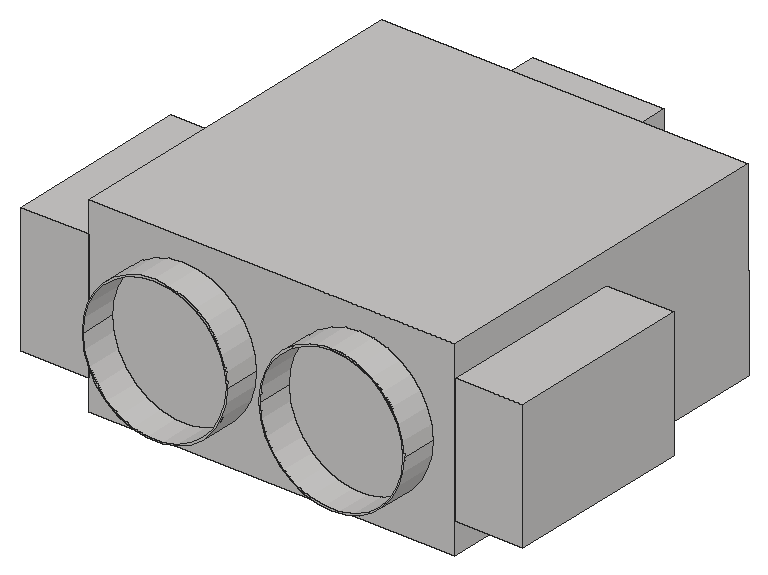
Revit family
Parameters
  Width = 2' - 11"
  Unit Weight = "148.0 lbs"
  URL = "http://www.titus-hvac.com/"
  UL = "181"
  SteriLoc Liner = Liner Option = 3  # no
  Outlet Width = 1' - 0 1/2"
  Outlet Height = 1' - 4 1/8"
  Nominal Width = Width + 1' 1"  # 4' - 0"
  Nominal Length = Length + Inlet Length + 0' 4"  # 3' - 6 3/8"
  Nominal Inlet Size = 1' - 2"
  Nominal Height = if(Height > 1' 0 1/4", Height, 1' 0 1/4")  # 1' - 6 1/8"
  NFPA = "90A"
  Model = "DEDV"
  Min. Air Flow = 0 CFM
  Max. Air Flow = 3000 CFM
  Material = Steel
  Manufacturer = "Titus"
  Liner Option = 0
  Length = 2' - 11"
  Inlet Void Radius = Inlet Radius - 0' 0 1/8"  # 0' - 6 13/16"
  Inlet Radius = Inlet Diameter / 2  # 0' - 6 15/16"
  Inlet Offset = 1' - 4 7/8"
  Inlet Length = 0' - 3 3/8"
  Inlet Diameter = Nominal Inlet Size - 0' 0 1/8"  # 1' - 1 7/8"
  Height = 1' - 6 1/8"
  Heat Air Pressure Drop [instance] = 0.00 in-wg
  Heat Air Flow [instance] = 0 CFM
  Fiber Free Liner = Liner Option = 2  # no
  Duct Radius = Nominal Inlet Size / 2  # 0' - 7"
  Design Air Flow [instance] = 0 CFM
  Description = "Dual Duct Terminal Unit, Direct Digital Control, Pressure Independent, with Integral Mixer/Attenuator"
  Cool Air Pressure Drop [instance] = 0.00 in-wg
  Cool Air Flow [instance] = 0 CFM
  CADworks URL = "www.CADworks.net"
  Assembly Code = "D3040100"
  1/2" Fiberglass Liner = Liner Option = 0  # yes
  1" Fiberglass Liner = Liner Option = 1  # no
Reference planes (in)
  plane 1 "Center (Front/Back)": y = 0
  plane 2: z = 0
  plane 3 "Center (Left/Right)": x = 0
  plane 4: x = 17.5
  plane 5: x = -17.5
  plane 6: y = 17.5
  plane 7: y = -17.5
  plane 8: z = 9.0625
  plane 9: z = -9.0625
  plane 10: x = -8.4375
  plane 11: x = 8.4375
  plane 12: y = -20.875
  plane 13: y = 21.5
  plane 14: x = -24
  plane 15: x = 24
Forms (in)
  Extrusion 1, solid, material "Steel" <- "Material"
    sketch origin (0, 70.5, 0) x (1, 0, 0) y (0, 0, 1)
      loop
        line (-17.5, 9.0625) -> (-17.5, -9.0625) -> (17.5, -9.0625) -> (17.5, 9.0625) -> (-17.5, 9.0625)
    from 53 to 88
  Extrusion 2, solid, material "Steel" <- "Material"
    sketch origin (0, 6.5, 0) x (1, 0, 0) y (0, 0, 1)
      loop
        line (17.5, 6.125) -> (17.5, -6.125) -> (24, -6.125) -> (24, 6.125) -> (17.5, 6.125)
    from 6 to 24
  Extrusion 3, solid, material "Steel" <- "Material"
    sketch origin (0, 8.5, 0) x (-1, 0, 0) y (0, 0, -1)
      loop
        line (17.5, -6.125) -> (24, -6.125) -> (24, 6.125) -> (17.5, 6.125) -> (17.5, -6.125)
    from 8 to 26
  Extrusion 4, solid, material "Steel" <- "Material"
    sketch origin (-9, -19, 0) x (1, 0, 0) y (0, 0, 1)
      loop
        circle (0.5625, 0) r 6.9375
    from -1.5 to 1.875
  Extrusion 5, solid, material "Steel" <- "Material"
    sketch origin (4.5, -6, 0) x (-1, 0, 0) y (0, 0, -1)
      loop
        circle (-3.9375, 0) r 6.9375
    from 11.5 to 14.875
  Extrusion 6, void
    sketch origin (0, -10.375, 0) x (1, 0, 0) y (0, 0, 1)
      loop
        circle (-8.4375, 0) r 6.8125
    from 7.125 to 10.5
  Extrusion 7, void
    sketch origin (0, 0, 0) x (1, 0, 0) y (0, 0, 1)
      loop
        circle (8.4375, 0) r 6.8125
    from 17.5 to 20.875
  Extrusion 8, solid, material "Steel" <- "Material"
    sketch origin (0, 23, 0) x (1, 0, 0) y (0, 0, 1)
      loop
        line (-6.25, 8.0625) -> (-6.25, -8.0625) -> (6.25, -8.0625) -> (6.25, 8.0625) -> (-6.25, 8.0625)
    from 1.5 to 5.5
  Extrusion 9, void
    sketch origin (0, 34.5, 0) x (1, 0, 0) y (0, 0, 1)
      loop
        line (-6.125, 7.9375) -> (-6.125, -7.9375) -> (6.125, -7.9375) -> (6.125, 7.9375) -> (-6.125, 7.9375)
    from 13 to 17
Cuts and joins
  Extrusion 6, Extrusion 7, Extrusion 9 cuts Extrusion 1
  Extrusion 6 cuts Extrusion 4
  Extrusion 7 cuts Extrusion 5
  Extrusion 9 cuts Extrusion 8
Dimensions and locks (in)
  "Length": plane 7 to plane 6
  equal spacing: plane 7, plane 1 "Center (Front/Back)", plane 6
  "Width": plane 5 to plane 4
  equal spacing: plane 5, plane 3 "Center (Left/Right)", plane 4
  "Height": plane 9 to plane 8
  equal spacing: plane 9, level, plane 8
  locked: Extrusion 2 to plane 7 at 18
  locked: Extrusion 2 to Extrusion 2 at 12.25
  equal spacing: Extrusion 2, plane 2, Extrusion 2
  locked: Extrusion 2 to plane 4 at 6.5
  locked: Extrusion 3 to Extrusion 3 at 12.25
  equal spacing: Extrusion 3, plane 2, Extrusion 3
  locked: Extrusion 3 to plane 5 at 6.5
  locked: Extrusion 3 to plane 7 at 18
  "Inlet Offset": plane 10 to plane 11
  equal spacing: plane 10, plane 3 "Center (Left/Right)", plane 11
  "Inlet Length": plane 7 to plane 12
  "Inlet Length": plane 7 to Extrusion 4
  "Inlet Length": Extrusion 5 to plane 7
  locked: plane 6 to plane 13 at 4
  "Outlet Width": Extrusion 8 sketch curve to Extrusion 8 sketch curve
  equal spacing: Extrusion 8 sketch curve, plane 3 "Center (Left/Right)", Extrusion 8 sketch curve
  locked: cut or joined group of Extrusion 8, Extrusion 9 to Extrusion 9 sketch curve at 0.125  (x3)
  locked: Extrusion 9 sketch curve to cut or joined group of Extrusion 8, Extrusion 9 at 0.125
  "Outlet Height": Extrusion 8 sketch curve to Extrusion 8 sketch curve
  equal spacing: Extrusion 8 sketch curve, plane 2, Extrusion 8 sketch curve
  "Nominal Width": plane 14 to plane 15
  plane 13 to plane 12 = 3' - 6 3/8"
  locked: plane 14 to plane 5 at 6.5
  plane 9 to cut or joined group of Extrusion 8, Extrusion 9 = 0' - 1"  (x3)
  plane 8 to cut or joined group of Extrusion 8, Extrusion 9 = 0' - 1"  (x2)
  "Inlet Radius": plane 11 to cut or joined group of Extrusion 5, Extrusion 7
  "Inlet Radius": cut or joined group of Extrusion 4, Extrusion 6 to plane 10
  "Inlet Radius": radius of Extrusion 4 sketch curve
  "Inlet Radius": radius of Extrusion 5 sketch curve
  "Inlet Void Radius": radius of Extrusion 6 sketch curve
  "Inlet Void Radius": radius of Extrusion 7 sketch curve
  aligned and locked: plane 6 to Extrusion 1
  aligned and locked: plane 4 to Extrusion 1
  aligned and locked: plane 5 to Extrusion 1
  aligned and locked: plane 7 to Extrusion 1
  aligned and locked: plane 8 to Extrusion 1
  aligned and locked: plane 7 to Extrusion 2
  aligned and locked: plane 7 to Extrusion 3
  aligned and locked: plane 12 to Extrusion 4
  aligned and locked: plane 7 to Extrusion 4
  aligned and locked: plane 7 to Extrusion 5
  aligned and locked: plane 6 to Extrusion 8
  aligned and locked: plane 13 to Extrusion 8
  aligned and locked: plane 12 to cut or joined group of Extrusion 4, Extrusion 6
  aligned and locked: plane 12 to cut or joined group of Extrusion 5, Extrusion 7
  aligned and locked: plane 13 to cut or joined group of Extrusion 8, Extrusion 9
  aligned and locked: plane 14 to Extrusion 3
  aligned and locked: plane 15 to Extrusion 2
  aligned and locked: cut or joined group of Extrusion 5, Extrusion 7 to cut or joined group of Extrusion 1, Extrusion 6, Extrusion 7, Extrusion 9
  aligned and locked: cut or joined group of Extrusion 4, Extrusion 6 to cut or joined group of Extrusion 1, Extrusion 6, Extrusion 7, Extrusion 9
  aligned and locked: cut or joined group of Extrusion 1, Extrusion 6, Extrusion 7, Extrusion 9 to cut or joined group of Extrusion 4, Extrusion 6  (x2)
  aligned and locked: plane 7 to Extrusion 7
  aligned and locked: Extrusion 7 to plane 12
  aligned and locked: plane 7 to Extrusion 6
  aligned and locked: Extrusion 6 to plane 12
  aligned and locked: Extrusion 9 to Extrusion 1
  aligned and locked: Extrusion 9 to plane 13
Automatic sketch dimensions
  Extrusion 1 sketch curve to plane 5 = 0' - 0"
  Extrusion 1 sketch curve to plane 4 = 0' - 0"
  Extrusion 1 sketch curve to plane 9 = 0' - 0"
  Extrusion 1 sketch curve to plane 8 = 0' - 0"
  Extrusion 2 sketch curve to plane 4 = 0' - 0"
  Extrusion 2 sketch curve to plane 9 = 0' - 2 15/16"
  Extrusion 2 sketch curve to Extrusion 2 sketch curve = 0' - 6 1/2"
  plane 8 to Extrusion 2 sketch curve = 0' - 2 15/16"
  Extrusion 3 sketch curve to plane 5 = 0' - 0"
  Extrusion 3 sketch curve to plane 9 = 0' - 2 15/16"
  Extrusion 3 sketch curve to Extrusion 3 sketch curve = 0' - 6 1/2"
  plane 8 to Extrusion 3 sketch curve = 0' - 2 15/16"
  Extrusion 4 sketch curve to level = 0' - 0"
  Extrusion 4 sketch curve to plane 10 = 0' - 0"
  Extrusion 5 sketch curve to level = 0' - 0"
  Extrusion 5 sketch curve to plane 11 = 0' - 0"
  Extrusion 6 sketch curve to level = 0' - 0"
  Extrusion 6 sketch curve to plane 10 = 0' - 0"
  Extrusion 7 sketch curve to level = 0' - 0"
  Extrusion 7 sketch curve to plane 11 = 0' - 0"
Connectors (in)
  hvac at (8.4375, -20.875, 0), driven by "Duct Radius", driven by "Cool Air Flow", driven by "Cool Air Pressure Drop"
    settings: on cut or joined group of Extrusion 5, Extrusion 7, index 1
  hvac at (-8.4375, -20.875, 0), driven by "Duct Radius", driven by "Heat Air Pressure Drop", driven by "Heat Air Flow"
    settings: on cut or joined group of Extrusion 4, Extrusion 6, index 2
  hvac at (0, 21.5, 0), driven by "Outlet Height", driven by "Outlet Width", driven by "Design Air Flow"
    settings: on cut or joined group of Extrusion 8, Extrusion 9, index 3
